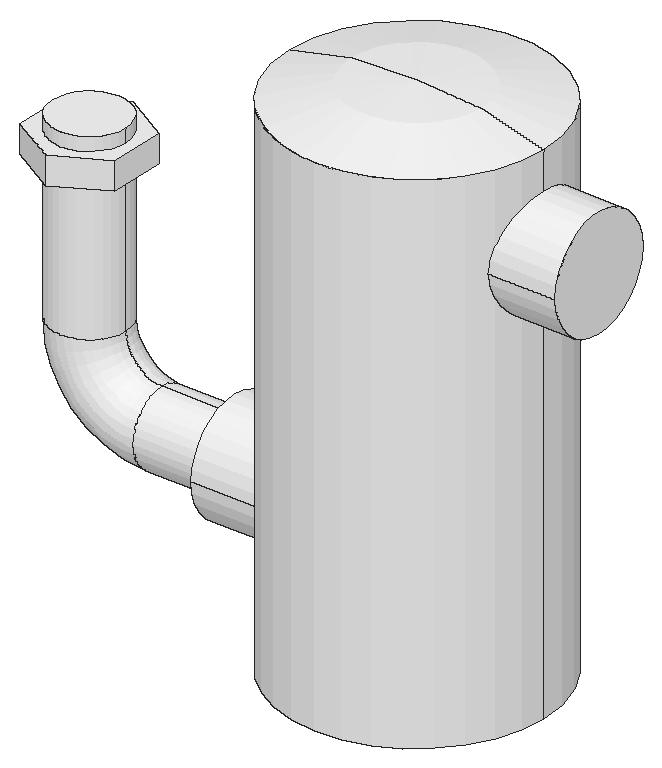
Revit family "Plumbing Fixture-Grease_Interseptor_Mifab_MI-HAIR", category Plumbing Fixtures, host Face, Revit 2013
Parameters
  WFU = 0
  URL = "www.mifab.com"
  Model = "MI-HAIR"
  Manufacturer = "MIFAB"
  Floor Drain Material = Paint - Sherwin Williams Paint - #952C2A - Bellwood Red
  Description = "Lavatory Mounted Hair & Sediment Interceptor"
  Default Elevation = 0"
  Assembly Code = "D2090300"
Reference planes (in)
  plane 1 "Center (Front/Back)": y = 0
  plane 2: z = 0
  plane 3 "Center (Left/Right)": x = 0
  plane 4: x = 2.5
  plane 5: x = -2.5
  plane 6: x = -4.5
  plane 7: z = -2
  plane 8: z = -7.75
  plane 9: z = -7.25
Forms (in)
  Revolve 1, solid, material "Paint - Sherwin Williams Paint - #952C2A - Bellwood Red" <- "Floor Drain Material"
    sketch origin (0, 0, 0) x (1, 0, 0) y (0, 0, 1)
      loop
        line (0, 0) -> (0, -7.25) -> (1.75, -7.25) -> (1.75, -0.25)
        arc (1.75, -0.25) -> (0.8871, -0.0403) -> (0, 0) r 4.60821
      axis (0, 0) -> (0, -7.25)
    angle from 0 to 360
  Extrusion 2, solid, material "Paint - Sherwin Williams Paint - #952C2A - Bellwood Red" <- "Floor Drain Material"
    sketch origin (0, 0, 0) x (0, 1, 0) y (0, 0, 1)
      loop
        circle (0, -1.5) r 0.75
    from 0 to 2.5
  Extrusion 3, solid, material "Paint - Sherwin Williams Paint - #952C2A - Bellwood Red" <- "Floor Drain Material"
    sketch origin (0, 0, 0) x (0, 1, 0) y (0, 0, 1)
      loop
        circle (0, -5.5) r 0.75
    from 0 to -2.5
  Sweep 4, solid, material "Paint - Sherwin Williams Paint - #952C2A - Bellwood Red" <- "Floor Drain Material"
    path origin (0, 0, 0) x (1, 0, 0) y (0, 0, 1)
      loop
        line (-2.5, -5.5) -> (-3.5, -5.5)
        arc (-3.5, -5.5) -> (-4.20711, -5.20711) -> (-4.5, -4.5) r 1
        line (-4.5, -4.5) -> (-4.5, -2)
    profile origin (-4.5, 0, -3.25) x (-1, 0, 0) y (0, -1, 0)
      loop
        circle (0, 0) r 0.5
  Extrusion 5, solid, material "Paint - Sherwin Williams Paint - #952C2A - Bellwood Red" <- "Floor Drain Material"
    sketch origin (0, 0, 0) x (1, 0, 0) y (0, 1, 0)
      loop
        line (-4.5, 0.75) -> (-5.14952, 0.375) -> (-5.14952, -0.375) -> (-4.5, -0.75) -> (-3.85048, -0.375) -> (-3.85048, 0.375) -> (-4.5, 0.75)
    from -2.5512 to -2.18017
  Extrusion 6, solid, material "Paint - Sherwin Williams Paint - #952C2A - Bellwood Red" <- "Floor Drain Material"
    sketch origin (-12.35303, -180, -2) x (-1, 0, 0) y (0, -1, 0)
      loop
        line (-11.78148, -180.5) -> (-11.78148, -179.5) -> (-12.92457, -179.5) -> (-12.92457, -180.5) -> (-11.78148, -180.5)
    from 0 to -5.75
Cuts and joins
  joined: Revolve 1, Extrusion 2, Extrusion 3, Sweep 4, Extrusion 5, Extrusion 6
Lines and regions (in)
  model lines
    curve 1: circle (0, 0, -2) r 2 normal (0, 0, 1)
    curve 2: circle (0, 0, -2) r 1 normal (0, 0, 1)
    curve 3: circle (0, 0, -2) r 1.75 normal (0, 0, 1)
    curve 4: circle (0, 0, 0) r 2.5 normal (0, 0, 1)
    curve 5: circle (-4.5, 0, 0) r 0.5 normal (0, 0, 1)
Dimensions and locks (in)
  locked: Revolve 1 sketch curve to Revolve 1 sketch curve at 7.25
  host face to Revolve 1 sketch curve = 1/4"
  locked: host face to Extrusion 2 sketch curve at 1.5
  locked: plane 4 to plane 3 "Center (Left/Right)" at 2.5
  locked: plane 3 "Center (Left/Right)" to plane 5 at 2.5
  host face to Extrusion 3 sketch curve = 5 1/2"
  locked: plane 3 "Center (Left/Right)" to plane 6 at 4.5
  locked: host face to plane 7 at 2
  Extrusion 6 sketch curve to Extrusion 6 sketch curve = 1.14309"
  locked: Extrusion 6 sketch curve to Extrusion 6 sketch curve at 1
  equal spacing: Extrusion 6 sketch curve, plane 3 "Center (Left/Right)", Extrusion 6 sketch curve
  equal spacing: Extrusion 6 sketch curve, plane 1 "Center (Front/Back)", Extrusion 6 sketch curve
  host face to plane 9 = 7 1/4"
  plane 9 to plane 8 = 1/2"
  locked: Revolve 1 sketch curve to Revolve 1 sketch curve at 1.75
  diameter of Extrusion 2 sketch curve = 1 1/2"
  diameter of Extrusion 3 sketch curve = 1 1/2"
  radius of Sweep 4 sketch curve = 1"
  aligned and locked: plane 2 to host face
  aligned and locked: level to host face
  aligned and locked: plane 4 to Extrusion 2
  aligned and locked: Extrusion 3 to plane 5
  aligned and locked: plane 6 to Sweep 4 sketch curve
  aligned and locked: Sweep 4 sketch curve to cut or joined group of Revolve 1, Extrusion 2, Extrusion 3, Sweep 4, Extrusion 5, Extrusion 6
  aligned and locked: Revolve 1 sketch curve to Revolve 1 sketch curve
  aligned and locked: Extrusion 6 to plane 8
Connectors (in)
  piping at (2.5, 0, -1.5)
    settings: on cut or joined group of Revolve 1, Extrusion 2, Extrusion 3, Sweep 4, Extrusion 5, Extrusion 6, index 1, connector radius 3/4", flow factor 0, pipe flow 0 GPM, pressure drop 0.00 psi, fitting loss kfactor 0, connector angle 0.00°, fixture units 0, engagement length 0", flow configuration 0, flow direction 2, fitting loss method 0, system type 16, joint type 0, gender type 0, connector reference index -1, connector utility 0, adjustable connector no, is connector primary yes, fitting loss table "", connector description "Out"
  piping at (-4.5, 0, -2)
    settings: on cut or joined group of Revolve 1, Extrusion 2, Extrusion 3, Sweep 4, Extrusion 5, Extrusion 6, index 2, connector radius 1/2", flow factor 0, pipe flow 0 GPM, pressure drop 0.00 psi, fitting loss kfactor 0, connector angle 0.00°, fixture units 0, engagement length 0", flow configuration 0, flow direction 1, fitting loss method 0, system type 16, joint type 0, gender type 0, connector reference index -1, connector utility 0, adjustable connector no, is connector primary no, fitting loss table "", connector description "In"
